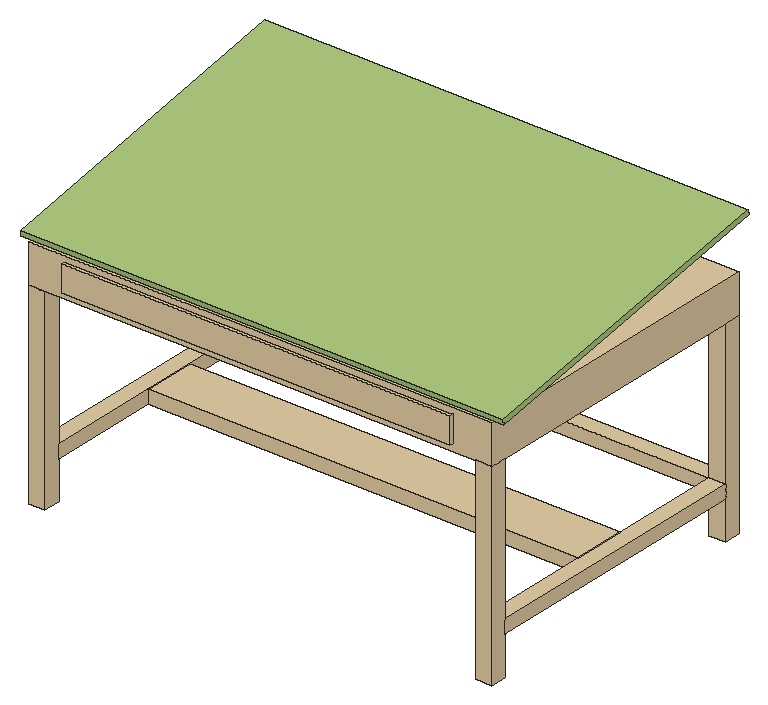
Revit family
Parameters (values of type "Table - Draftng")
  Material Frame = Wood - Pine
  Material Board = Plastic - Green
  Keynote = "N"
  Assembly Code = "E2020200"
  Length = 1800 mm
  Width = 1200 mm
Reference planes
  plane 1 "Center F/B": y = -93.469
  plane 2: z = 0
  plane 3 "Center L/R": x = 80.554
  plane 4: x = -819.446
  plane 5: x = 980.554
  plane 6: y = -693.469
  plane 7: y = 506.531
  plane 8: through (0, -177.572, 1007.059) normal (0, 0.1736, -0.9848)
  plane 9: x = -857.546
  plane 10: x = 1018.654
Forms (mm)
  Extrusion 1, solid, material "Wood - Pine" <- "Material Frame"
    sketch origin (0, 0, 0) x (1, 0, 0) y (0, 1, 0)
      loop
        line (-819.446, 506.531) -> (-819.446, -693.469) -> (980.554, -693.469) -> (980.554, 506.531) -> (-819.446, 506.531)
    from 762 to 914.4
  Extrusion 2, solid, material "Wood - Pine" <- "Material Frame"
    sketch origin (0, 0, 0) x (1, 0, 0) y (0, 1, 0)
      loop
        line (-819.446, 506.531) -> (-819.446, 443.031) -> (-755.946, 443.031) -> (-755.946, 506.531) -> (-819.446, 506.531)
      loop
        line (-819.446, -693.469) -> (-755.946, -693.469) -> (-755.946, -629.969) -> (-819.446, -629.969) -> (-819.446, -693.469)
      loop
        line (980.554, -693.469) -> (980.554, -629.969) -> (917.054, -629.969) -> (917.054, -693.469) -> (980.554, -693.469)
      loop
        line (980.554, 506.531) -> (917.054, 506.531) -> (917.054, 443.031) -> (980.554, 443.031) -> (980.554, 506.531)
    from 0 to 762
  Extrusion 3, solid, material "Wood - Pine" <- "Material Frame"
    sketch origin (0, 0, 0) x (1, 0, 0) y (0, 1, 0)
      loop
        line (-819.446, -629.969) -> (-755.946, -629.969) -> (-755.946, 443.031) -> (-819.446, 443.031) -> (-819.446, -629.969)
      loop
        line (917.054, 443.031) -> (917.054, -629.969) -> (980.554, -629.969) -> (980.554, 443.031) -> (917.054, 443.031)
    from 152.4 to 203.2
  Extrusion 4, solid, material "Wood - Pine" <- "Material Frame"
    sketch origin (0, 0, 0) x (1, 0, 0) y (0, 1, 0)
      loop
        line (-755.946, 506.531) -> (-755.946, 443.031) -> (917.054, 443.031) -> (917.054, 506.531) -> (-755.946, 506.531)
    from 152.4 to 203.2
  Extrusion 5, solid, material "Wood - Pine" <- "Material Frame"
    sketch origin (0, 0, 0) x (1, 0, 0) y (0, 1, 0)
      loop
        line (-755.946, -195.069) -> (917.054, -195.069) -> (917.054, 8.485) -> (-755.946, 8.485) -> (-755.946, -195.069)
    from 152.4 to 203.2
  Extrusion 6, solid, material "Plastic - Green" <- "Material Board"
    sketch origin (80.554, 0, 0) x (0, 1, 0) y (0, 0, 1)
      loop
        line (-684.648, 917.648) -> (506.531, 1127.685) -> (503.223, 1146.446) -> (-687.956, 936.409) -> (-684.648, 917.648)
    from -938.1 to 938.1
  Extrusion 7, solid, material "Wood - Pine" <- "Material Frame"
    sketch origin (-819.446, -693.469, 914.4) x (0, 0, -1) y (1, 0, 0)
      loop
        line (22.434, 138) -> (125.847, 138) -> (125.847, 1647.6) -> (22.434, 1647.6) -> (22.434, 138)
    from 0 to 12.7
Lines and regions (mm)
  Masking region 1
    outline origin (0, 0, 0) x (1, 0, 0) y (0, 1, 0)
      loop
        line (-857.546, 506.531) -> (-857.546, -687.956) -> (1018.654, -687.956) -> (1018.654, 506.531) -> (-857.546, 506.531)
Dimensions and locks
  equal spacing: plane 6, plane 1 "Center F/B", plane 7
  equal spacing: plane 4, plane 3 "Center L/R", plane 5
  "Length": plane 4 to plane 5
  "Width": plane 7 to plane 6
  locked: plane 9 to plane 4 at 38.1
  locked: plane 5 to plane 10 at 38.1
  aligned and locked: Extrusion 6 to plane 9
  aligned and locked: plane 10 to Extrusion 6
  aligned and locked: Masking region 1 sketch curve to Extrusion 6  (x2)
Automatic sketch dimensions
  plane 6 to Extrusion 6 sketch curve = 5.513 mm
  Extrusion 6 sketch curve to plane 7 = 0 mm
  Extrusion 7 sketch curve to plane 3 "Center L/R" = 762 mm
  plane 5 to Extrusion 7 sketch curve = 152.4 mm
  Masking region 1 sketch curve to plane 7 = 0 mm
  plane 6 to Masking region 1 sketch curve = 5.513 mm
